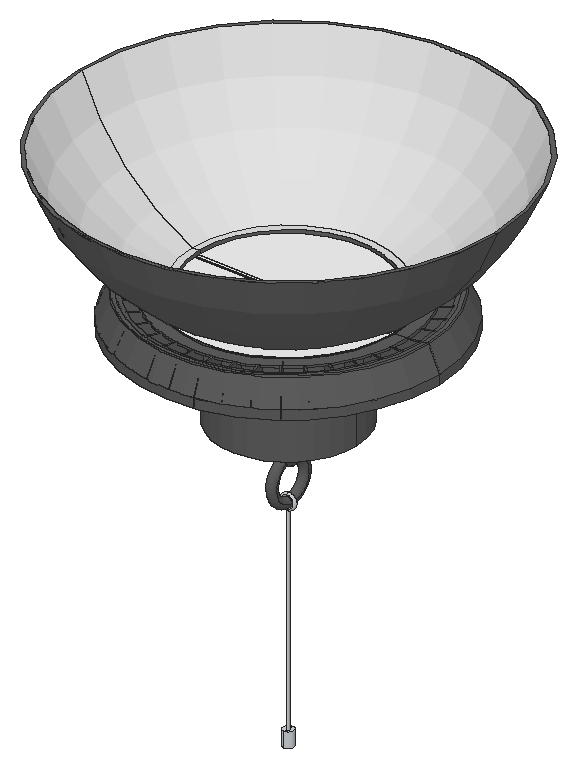
Revit family "0039348+0039357 Feilo Sylvania Lighting Fixture START HIGHBAY 4K 19KLM WIDE with ALU SHADE BLACK COLOR FOR 13_19KLM", category Lighting Fixtures, host Face, Revit 2017
Family settings
  Host = Face
  Round Connector Dimension = Use Diameter
  Part Type = Normal
  OmniClass Number = 23.80.70.00
  OmniClass Title = Lighting
  Cut with Voids When Loaded = No
  Light Source = Yes
  Shared = No
  Room Calculation Point = No
Parameters (values of type "0039348+0039357 START HIGHBAY 4K 19KLM WIDE ALU SHADE BLACK COLOR FOR 13/19KLM")
  WidthStraight_FEILO = if(SizeS_FEILO, 3 mm, if(SizeM_FEILO, 4 mm, 4.7 mm))  # 4 mm
  WidthRingChamfer_FEILO = if(SizeS_FEILO, 10.3 mm, if(SizeM_FEILO, 11.2 mm, 12.9 mm))  # 11.2 mm
  WidthCurved_FEILO = if(SizeS_FEILO, 17.4 mm, if(SizeM_FEILO, 16.4 mm, 26.2 mm))  # 16.4 mm
  WidthCurvedRing_FEILO = if(SizeS_FEILO, 3 mm, if(SizeM_FEILO, 4 mm, 4.7 mm))  # 4 mm
  WidthBracket_FEILO = 40 mm
  Weight = "3.4 kg"
  Wattage Comments = ""
  Wattage = 150 W
  WarrantyStartDate [instance] = "n/a"
  WarrantyGuarantorParts = "n/a"
  WarrantyDurationUnit = "n/a"
  WarrantyDurationParts = "n/a"
  WarrantyDescription = "n/a"
  built-in parameter 1150110 = 1 (stored number, unit not read)
  Voltage = 230 V
  VisibilityBracket_FEILO = no
  URL = "http://www.sylvania-lighting.com"
  TypeName = "START HIGHBAY 4K 19KLM WIDE ALU SHADE BLACK COLOR FOR 13/19KLM"
  Type Image = <None>
  Type Comments = "n/a"
  built-in parameter 1114217 = 1 (stored number, unit not read)
  Tilt Angle = -90.00°
  ThicknessWall_FEILO = 1.5 mm
  ThicknessBracket_FEILO = 1.5 mm
  ThicknessBracketHalf_FEILO = ThicknessBracket_FEILO / 2  # 0.75 mm
  built-in parameter 1150109 = 1 (stored number, unit not read)
  built-in parameter 1150134 = 12
  SuspensionHeight_FEILO [instance] = 400 mm
  built-in parameter 1150113 = 1 (stored number, unit not read)
  SizeS_FEILO = no
  SizeM_FEILO = yes
  ShadeThickness_FEILO = 3 mm
  ShadeSizeSM_FEILO = or(SizeS_FEILO, SizeM_FEILO)  # yes
  ShadeRadiusOut_FEILO = 205 mm
  ShadeRadiusIn_FEILO = if(ShadeSizeSM_FEILO, 95 mm, 121 mm)  # 95 mm
  ShadeRadiusBend_FEILO = if(ShadeSizeSM_FEILO, 210 mm, 210 mm)  # 210 mm
  ShadeHeight_FEILO = if(ShadeSizeSM_FEILO, 120 mm, 151 mm)  # 120 mm
  SerialNumber [instance] = "n/a"
  Rib4_FEILO = if(SizeS_FEILO, 18.1 mm, if(SizeM_FEILO, 13.6 mm, 14.6 mm))  # 13.6 mm
  Rib3_FEILO = if(SizeS_FEILO, 15.3 mm, if(SizeM_FEILO, 17.6 mm, 20.2 mm))  # 17.6 mm
  Rib2_FEILO = if(SizeS_FEILO, 3.6 mm, if(SizeM_FEILO, 3.9 mm, 4.5 mm))  # 3.9 mm
  Rib1_FEILO = if(SizeS_FEILO, 15.1 mm, if(SizeM_FEILO, 16.5 mm, 19 mm))  # 16.5 mm
  RadiusDiffuser_FEILO = if(SizeS_FEILO, 95.2 mm, if(SizeM_FEILO, 105.3 mm, 120 mm))  # 105.3 mm
  RadiusArrayPost_FEILO = DriverRadius_FEILO - 6 mm  # 61.2 mm
  RHRadius3_FEILO = if(SizeS_FEILO, 6.6 mm, if(SizeM_FEILO, 7.4 mm, 8.6 mm))  # 7.4 mm
  RHRadius2_FEILO = if(SizeS_FEILO, 11 mm, if(SizeM_FEILO, 12 mm, 14 mm))  # 12 mm
  RHRadius1_FEILO = if(SizeS_FEILO, 13.6 mm, if(SizeM_FEILO, 14.9 mm, 17.7 mm))  # 14.9 mm
  RHHeight4_FEILO = if(SizeS_FEILO, 7.3 mm, if(SizeM_FEILO, 8 mm, 9.2 mm))  # 8 mm
  RHHeight3_FEILO = if(SizeS_FEILO, 3.6 mm, if(SizeM_FEILO, 3.7 mm, 4.6 mm))  # 3.7 mm
  RHHeight2_FEILO = if(SizeS_FEILO, 2 mm, if(SizeM_FEILO, 2.2 mm, 2.6 mm))  # 2.2 mm
  RHHeight1_FEILO = if(SizeS_FEILO, 11.8 mm, if(SizeM_FEILO, 15.3 mm, 17.4 mm))  # 15.3 mm
  Photometric Web File = "0039348+0039357.ies"
  Material_5_FEILO = Shade-Sylvania-StartHighbay-Alu
  Material_3_FEILO = LED-Sylvania-StartHighbay-Glow
  PowerFactor = 0.95
  PowerConsumption = "150 W"
  NominalLength = 296 mm
  NominalHeight = 177 mm
  NominalDepth = 296 mm
  Name = "START HIGHBAY 4K 19KLM WIDE ALU SHADE BLACK COLOR FOR 13/19KLM"
  ModelReference = Name  # "START HIGHBAY 4K 19KLM WIDE ALU SHADE BLACK COLOR FOR 13/19KLM"
  ModelNumber = "0039348+0039357"
  Model = Name  # "START HIGHBAY 4K 19KLM WIDE ALU SHADE BLACK COLOR FOR 13/19KLM"
  Material = "aluminium alloy housing, polycarbonate diffuser"
  ManufacturerName = "Feilo Sylvania"
  Manufacturer = "Feilo Sylvania"
  LuminousEfficacy = "130 lm/W"
  built-in parameter 1150105 = 11152.5 (stored number, unit not read)
  Lumens = 19500 lm
  LuminaireType = ""
  built-in parameter 1150115 = 1 (stored number, unit not read)
  LightOutputRatio = "n/a"
  built-in parameter 1150137 = (empty or 0)
  built-in parameter 1150139 = (empty or 0)
  LampsType = Lamp  # "LED"
  LampNominalLuminous = "19500 lm"
  LampMacAdamStep = "n/a"
  LampColourTemperature = "4000 K"
  LampColourRenderingIndex = "80"
  built-in parameter 1150112 = 1 (stored number, unit not read)
  built-in parameter 1150114 = 1 (stored number, unit not read)
  Lamp = "LED"
  Keynote = "16500"
  InstallationDate [instance] = "n/a"
  InputVoltage = "220-240V~"
  InputNominalFrequency = "50/60 Hz"
  built-in parameter 1150132 = (empty or 0)
  built-in parameter 1150102 = (empty or 0)
  built-in parameter 1150107 = 4000 (stored number, unit not read)
  built-in parameter 1150138 = (empty or 0)
  IngressProtection = "IP65"
  ImpactProtectionIndex = "IK08"
  built-in parameter 1150106 = 111.52 (stored number, unit not read)
  IfcExportType = "IfcLightFixtureType"
  IfcExportAs = "IfcLightFixtureType"
  HeightRing_FEILO = if(SizeS_FEILO, 19.8 mm, if(SizeM_FEILO, 32 mm, 36.8 mm))  # 32 mm
  HeightRingChamfer_FEILO = if(SizeS_FEILO, 11.7 mm, if(SizeM_FEILO, 23.2 mm, 26.6 mm))  # 23.2 mm
  EyeThickness_FEILO = if(SizeS_FEILO, 8.4 mm, if(SizeM_FEILO, 9.2 mm, 10.5 mm))  # 9.2 mm
  EyeThicknessHalf_FEILO = EyeThickness_FEILO / 2  # 4.6 mm
  EyeInner_FEILO = if(SizeS_FEILO, 13.8 mm, if(SizeM_FEILO, 15.1 mm, 17.3 mm))  # 15.1 mm
  ExpectedLife = 50000
  Emit from Circle Diameter = RadiusDiffuser_FEILO * 2  # 210.6 mm
  Emit Shape Visible in Rendering = no
  ElectricShockClassification = "Class I"
  built-in parameter 1150104 = 12.077 (stored number, unit not read)
  DurationUnit = "hours"
  DriverVerticalStraight_FEILO = if(SizeS_FEILO, 46.5 mm, if(SizeM_FEILO, 49.7 mm, 57 mm))  # 49.7 mm
  DriverVerticalChamfer_FEILO = if(SizeS_FEILO, 7.5 mm, if(SizeM_FEILO, 8.2 mm, 9.5 mm))  # 8.2 mm
  DriverRadius_FEILO = if(SizeS_FEILO, 61.4 mm, if(SizeM_FEILO, 67.2 mm, 76.4 mm))  # 67.2 mm
  DriverRadiusTop_FEILO = if(SizeS_FEILO, 42 mm, if(SizeM_FEILO, 45.3 mm, 52.4 mm))  # 45.3 mm
  DriverBottom_FEILO = if(SizeS_FEILO, 56 mm, if(SizeM_FEILO, 64.5 mm, 74 mm))  # 64.5 mm
  DocumentationLiterature = "http://www.sylvania-lighting.com/product/en-int/products/0039348"
  DimmingControlOptions = "n/a"
  Material_2_FEILO = Diffuser-Sylvania-StartHighbay-Transparent
  Radius_FEILO = if(SizeS_FEILO, 135 mm, if(SizeM_FEILO, 148 mm, 169.5 mm))  # 148 mm
  Dimming Lamp Color Temperature Shift = <None>
  DiameterWire_FEILO = 3 mm
  DiameterWireSupport_FEILO = 10 mm
  Description = "START HIGHBAY, includes 1 m cables, black aluminium housing, 19500LM, 150W, 130lm/W, 4000K, Driver current: 3210mA, CR80, 90° beam angle, 1-10V dimmable,  IP65, IK08, 50,000 hrs (L70B50), (LxWxH) 296x296x177mm"
  Default Elevation = 1219.2 mm
  CreatedOn = "2/28/2018"
  CreatedBy = ""
  Cost = 0
  Color Filter = 16777215
  built-in parameter 1114216 [instance] = (empty or 0)
  ClassificationValue = "EF_70_80"
  ClassificationName = "Uniclass2015"
  Material_1_FEILO = Body-Sylvania-StartHighbay-Black
  BarCode [instance] = "n/a"
  built-in parameter 1114218 = 1 (stored number, unit not read)
  built-in parameter 1150133 = 10 (stored number, unit not read)
  AssetType = "Fixed"
  AssetIdentifier [instance] = "n/a"
  Assembly Code = "D5020200"
  Apparent Load = 150 VA
  Material_4_FEILO = Shade-Sylvania-StartHighbay-Black
Reference planes
  plane 1 "Center (Front/Back)": y = 0
  plane 2: z = 0
  plane 3 "Center (Left/Right)": x = 0
  plane 4: z = 400
  plane 5: x = -148
  plane 6: x = -136.8
  plane 7: z = 376.8
  plane 8: z = 368
  plane 9: x = -132.8
  plane 10: z = 397.375
  plane 11: x = -116.4
  plane 12: x = -105.3
  plane 13: x = -128.8
  plane 14: z = 398.375
  plane 15: z = 396.375
  plane 16: x = -102.3
  plane 17: z = 395.375
  plane 18: x = -146.5
  plane 19: x = -131.5
  plane 20: z = 364.1
  plane 21: x = -113.9
  plane 22: z = 350.5
  plane 23: x = -20
  plane 24: z = 335.5
  plane 25: x = -67.2
  plane 26: z = 285.8
  plane 27: x = -45.3
  plane 28: z = 277.6
  plane 29: x = -14.9
  plane 30: z = 262.3
  plane 31: z = 260.1
  plane 32: x = -12
  plane 33: z = 256.4
  plane 34: z = 248.4
  plane 35: x = -7.4
  plane 36: z = 233.3
  plane 37: z = 218.2
  plane 38: x = 4.6
  plane 39: x = -4.6
  plane 40: z = 209
  plane 41: z = 213.6
  plane 42: x = -141.65
  plane 43: x = -145.5
  plane 44: z = 366.5
  plane 45: x = -135.3
  plane 46: z = 310.65
  plane 47: y = -20
  plane 48: y = 20
  plane 49: x = 148
  plane 50: x = 136.8
  plane 51: x = 146.5
  plane 52: x = 141.65
  plane 53: x = 145.5
  plane 54: x = 135.3
  plane 55: z = 221.2
  plane 56: y = 1.5
  plane 57: y = -1.5
  plane 58: z = 219.7
  plane 59: z = 207.5
  plane 60: z = 206
  plane 61: y = -5
  plane 62: y = 5
  plane 63: z = 14
  plane 64: x = -205
  plane 65: z = 520
  plane 66: x = -95
  plane 67: x = -87
  plane 68: x = -202
  plane 69: z = 403
Forms (mm)
  Revolve 1, solid, material "Body-Sylvania-StartHighbay-Black" <- "Material_1_FEILO", detail levels medium+fine
    sketch origin (0, 0, 0) x (1, 0, 0) y (0, 0, 1)
      loop
        line (-148, 368) -> (-146.5, 368) -> (-146.5, 376.457) -> (-136.402, 397.375) -> (-128.8, 397.375) -> (-128.8, 398.859)
        arc (-128.8, 398.859) -> (-130.811, 399.39) -> (-132.8, 400) r 52.543
        line (-132.8, 400) -> (-136.341, 400)
        arc (-136.341, 400) -> (-136.831, 399.825) -> (-137.099, 399.38) r 0.774
        line (-137.099, 399.38) -> (-148, 376.8) -> (-148, 368)
      axis (0, 400) -> (0, 368)
    angle from 360 to 0
  Revolve 2, solid, material "Body-Sylvania-StartHighbay-Black" <- "Material_1_FEILO", detail levels medium+fine
    sketch origin (0, 0, 0) x (1, 0, 0) y (0, 0, 1)
      loop
        line (-116.4, 395.375) -> (-105.3, 395.375) -> (-105.3, 376.8) -> (0, 376.8) -> (0, 395.375) -> (-102.3, 395.375) -> (-102.3, 396.375) -> (-105.3, 396.375) -> (-105.3, 397.375) -> (-116.4, 397.375) -> (-116.4, 395.375)
      axis (0, 397.375) -> (0, 376.8)
    angle from 360 to 0
  Revolve 3, solid, material "Diffuser-Sylvania-StartHighbay-Transparent" <- "Material_2_FEILO", detail levels medium+fine
    sketch origin (0, 0, 0) x (1, 0, 0) y (0, 0, 1)
      loop
        line (-105.3, 396.375) -> (0, 396.375) -> (0, 398.375) -> (-105.3, 398.375) -> (-105.3, 396.375)
      axis (0, 398.375) -> (0, 396.375)
    angle from 360 to 0
  Revolve 4, solid, material "Body-Sylvania-StartHighbay-Black" <- "Material_1_FEILO"
    sketch origin (0, 0, 0) x (1, 0, 0) y (0, 0, 1)
      loop
        line (-67.2, 350.5) -> (-67.2, 285.8) -> (-45.3, 277.6) -> (-14.9, 277.6) -> (-14.9, 262.3) -> (-12, 260.1) -> (-12, 256.4) -> (-7.837, 249.126)
        arc (-7.837, 249.126) -> (-7.29, 248.594) -> (-6.553, 248.4) r 1.5
        line (-6.553, 248.4) -> (0, 248.4) -> (0, 350.5) -> (-67.2, 350.5)
      axis (0, 350.5) -> (0, 248.4)
    angle from 360 to 0
  Revolve 5, solid, material "Body-Sylvania-StartHighbay-Black" <- "Material_1_FEILO"
    sketch origin (0, 0, 0) x (1, 0, 0) y (0, 0, 1)
      loop
        circle (0, 213.6) r 4.6
      axis (4.6, 233.3) -> (-4.6, 233.3)
    angle from 360 to 0
  Extrusion 6, solid, material "Body-Sylvania-StartHighbay-Black" <- "Material_1_FEILO", visible <- "VisibilityBracket_FEILO"
    sketch origin (0, 0, 0) x (1, 0, 0) y (0, 0, 1)
      loop
        line (-145.5, 368) -> (-145.5, 366.5) -> (-137.55, 366.5)
        arc (-137.55, 366.5) -> (-137.02, 366.28) -> (-136.8, 365.75) r 0.75
        line (-136.8, 365.75) -> (-136.8, 310.65) -> (-135.3, 310.65) -> (-135.3, 366.5)
        arc (-135.3, 366.5) -> (-135.739, 367.561) -> (-136.8, 368) r 1.5
        line (-136.8, 368) -> (-145.5, 368)
      loop
        line (145.5, 368) -> (136.8, 368)
        arc (136.8, 368) -> (135.739, 367.561) -> (135.3, 366.5) r 1.5
        line (135.3, 366.5) -> (135.3, 310.65) -> (136.8, 310.65) -> (136.8, 365.75)
        arc (136.8, 365.75) -> (137.02, 366.28) -> (137.55, 366.5) r 0.75
        line (137.55, 366.5) -> (145.5, 366.5) -> (145.5, 368)
    from -20 to 20
  Extrusion 7, void
    sketch origin (0, 0, 0) x (0, 1, 0) y (0, 0, 1)
      loop
        arc (-10, 310.65) -> (-17.071, 313.579) -> (-20, 320.65) r 10
        line (-20, 320.65) -> (-25, 320.65) -> (-25, 305.65) -> (-10, 305.65) -> (-10, 310.65)
      loop
        line (10, 310.65) -> (10, 305.65) -> (25, 305.65) -> (25, 320.65) -> (20, 320.65)
        arc (20, 320.65) -> (17.071, 313.579) -> (10, 310.65) r 10
    from -136.8 to 136.8
  Revolve 8, solid, material "Body-Sylvania-StartHighbay-Black" <- "Material_1_FEILO", detail levels coarse
    sketch origin (0, 0, 0) x (1, 0, 0) y (0, 0, 1)
      loop
        line (0, 400) -> (-136.8, 400) -> (-148, 376.8) -> (-148, 368) -> (-131.5, 368) -> (-131.5, 364.1) -> (-113.9, 350.5) -> (0, 350.5) -> (0, 400)
      axis (0, 400) -> (0, 350.5)
    angle from 360 to 0
  Revolve 9, solid
    sketch origin (0, 0, 0) x (0, 1, 0) y (0, 0, 1)
      loop
        circle (0, 219.7) r 1.5
      axis (1.5, 213.6) -> (-1.5, 213.6)
    angle from 360 to 0
  Revolve 10, solid
    sketch origin (0, 0, 0) x (0, 1, 0) y (0, 0, 1)
      loop
        line (0, 0) -> (0, 207.5) -> (-1.5, 207.5) -> (-1.5, 14) -> (-5, 14) -> (-5, 0) -> (0, 0)
      axis (0, 0) -> (0, 207.5)
    angle from 360 to 0
  Revolve 11, solid, material "Shade-Sylvania-StartHighbay-Black" <- "Material_4_FEILO"
    sketch origin (0, 0, 0) x (1, 0, 0) y (0, 0, 1)
      loop
        line (-95, 400) -> (-87, 400) -> (-87, 403) -> (-94.341, 403)
        arc (-94.341, 403) -> (-159.747, 450.78) -> (-201.81, 520) r 207
        line (-201.81, 520) -> (-205, 520)
        arc (-205, 520) -> (-162.101, 448.908) -> (-95, 400) r 210
      axis (0, 520) -> (0, 400)
    angle from 360 to 0
Cuts and joins
  Extrusion 7 cuts Extrusion 6
Lines and regions (mm)
  reference lines
    curve 1: line (-148, 0, 376.8) -> (-136.8, 0, 400)
    curve 2: line (-116.4, 0, 397.375) -> (0, 0, 397.375)
    curve 3: arc (-116.4, 0, 397.375) -> (-124.704, 0, 398.035) -> (-132.8, 0, 400) r 52.543
    curve 4: line (-136.8, 0, 400) -> (-132.8, 0, 400)
    curve 5: line (-136.402, 0, 397.375) -> (-146.5, 0, 376.457)
    curve 6: line (-131.5, 0, 364.1) -> (-113.9, 0, 350.5)
    curve 7: line (-12, 0, 256.4) -> (-7.4, 0, 248.4)
    curve 8: circle (0, 0, 213.6) r 4.6 normal (0, -1, 0)
    curve 9: arc (-95, 0, 400) -> (-162.101, 0, 448.908) -> (-205, 0, 520) r 210
Dimensions and locks
  "Radius_FEILO": plane 3 "Center (Left/Right)" to plane 5
  "WidthRingChamfer_FEILO": plane 6 to plane 5
  "WidthStraight_FEILO": plane 9 to plane 6
  "WidthCurvedRing_FEILO": plane 13 to plane 9
  locked: plane 10 to plane 15 at 1
  locked: plane 14 to plane 10 at 1
  locked: plane 4 to plane 10 at 2.625
  locked: plane 15 to plane 17 at 1
  "ThicknessWall_FEILO": plane 18 to plane 5
  "ThicknessWall_FEILO": curve 5 to curve 1
  "HeightRingChamfer_FEILO": plane 4 to plane 7
  "HeightRing_FEILO": plane 4 to plane 8
  "RadiusDiffuser_FEILO": plane 3 "Center (Left/Right)" to plane 12
  locked: plane 16 to plane 12 at 3
  "WidthCurved_FEILO": plane 11 to plane 9
  "SuspensionHeight_FEILO": plane 4 to plane 2
  "Rib1_FEILO": plane 19 to plane 5
  "Rib2_FEILO": plane 8 to plane 20
  "Rib3_FEILO": plane 21 to plane 19
  "Rib4_FEILO": plane 20 to plane 22
  locked: plane 3 "Center (Left/Right)" to plane 23 at 20
  "DriverBottom_FEILO": plane 4 to plane 24
  "DriverRadius_FEILO": plane 3 "Center (Left/Right)" to plane 25
  "DriverVerticalStraight_FEILO": plane 24 to plane 26
  "DriverRadiusTop_FEILO": plane 3 "Center (Left/Right)" to plane 27
  "DriverVerticalChamfer_FEILO": plane 26 to plane 28
  "RHRadius1_FEILO": plane 3 "Center (Left/Right)" to plane 29
  "RHHeight2_FEILO": plane 30 to plane 31
  "RHRadius2_FEILO": plane 3 "Center (Left/Right)" to plane 32
  "RHHeight3_FEILO": plane 31 to plane 33
  "RHHeight4_FEILO": plane 33 to plane 34
  "RHRadius3_FEILO": plane 3 "Center (Left/Right)" to plane 35
  "RHHeight1_FEILO": plane 28 to plane 30
  "EyeInner_FEILO": plane 34 to plane 36
  "EyeInner_FEILO": plane 36 to plane 37
  equal spacing: plane 38, plane 3 "Center (Left/Right)", plane 39
  "EyeThickness_FEILO": plane 38 to plane 39
  "EyeThickness_FEILO": plane 37 to plane 40
  equal spacing: plane 37, plane 41, plane 40
  equal spacing: plane 6, plane 42, plane 18
  "ThicknessBracket_FEILO": plane 45 to plane 6
  "ThicknessBracket_FEILO": plane 8 to plane 44
  locked: plane 43 to plane 18 at 1
  equal spacing: plane 24, plane 46, plane 26
  equal spacing: plane 47, plane 1 "Center (Front/Back)", plane 48
  "WidthBracket_FEILO": plane 47 to plane 48
  "WidthRingChamfer_FEILO": plane 50 to plane 49
  "ThicknessWall_FEILO": plane 51 to plane 49
  equal spacing: plane 50, plane 52, plane 51
  "ThicknessBracket_FEILO": plane 54 to plane 50
  locked: plane 53 to plane 51 at 1
  "Radius_FEILO": plane 49 to plane 3 "Center (Left/Right)"
  equal spacing: plane 57, imposter light, plane 56
  "DiameterWire_FEILO": plane 57 to plane 56
  "DiameterWire_FEILO": plane 37 to plane 55
  equal spacing: plane 37, plane 58, plane 55
  "DiameterWire_FEILO": plane 60 to plane 40
  equal spacing: plane 60, plane 59, plane 40
  equal spacing: plane 61, plane 1 "Center (Front/Back)", plane 62
  "DiameterWireSupport_FEILO": plane 61 to plane 62
  locked: plane 63 to plane 2 at 14
  "ShadeRadiusOut_FEILO": plane 3 "Center (Left/Right)" to plane 64
  "ShadeHeight_FEILO": plane 65 to plane 4
  "ShadeRadiusIn_FEILO": plane 3 "Center (Left/Right)" to plane 66
  locked: plane 67 to plane 66 at 8
  "ShadeThickness_FEILO": plane 69 to plane 4
  "ShadeThickness_FEILO": plane 68 to plane 64
  "EyeThicknessHalf_FEILO": radius of curve 8
  "ThicknessBracket_FEILO": radius of Extrusion 6 sketch curve  (x2)
  "ThicknessBracketHalf_FEILO": radius of Extrusion 6 sketch curve  (x2)
  "DiameterWire_FEILO": diameter of Revolve 9 sketch curve
  "ShadeRadiusBend_FEILO": radius of curve 9
  aligned and locked: plane 2 to host face
  aligned and locked: level to host face
  aligned and locked: plane 5 to curve 1
  aligned and locked: plane 6 to curve 1
  aligned and locked: plane 7 to curve 1
  aligned and locked: plane 10 to curve 2
  aligned and locked: plane 9 to curve 3
  aligned and locked: plane 4 to curve 3
  aligned and locked: plane 11 to curve 3
  aligned and locked: plane 4 to curve 4
  aligned and locked: plane 18 to curve 5
  aligned and locked: plane 10 to curve 5
  aligned and locked: Revolve 1 sketch curve to plane 3 "Center (Left/Right)"
  aligned and locked: Revolve 1 sketch curve to curve 3
  aligned and locked: Revolve 1 sketch curve to curve 1
  aligned and locked: plane 4 to Revolve 1 sketch curve
  aligned and locked: plane 9 to Revolve 1 sketch curve
  aligned and locked: Revolve 1 sketch curve to plane 13
  aligned and locked: Revolve 1 sketch curve to plane 10
  aligned and locked: plane 13 to Revolve 1 sketch curve
  aligned and locked: plane 10 to Revolve 1 sketch curve
  aligned and locked: Revolve 1 sketch curve to plane 18
  aligned and locked: Revolve 1 sketch curve to plane 8
  aligned and locked: plane 5 to Revolve 1 sketch curve  (x2)
  aligned and locked: Revolve 2 sketch curve to plane 3 "Center (Left/Right)"
  aligned and locked: plane 11 to Revolve 2 sketch curve
  aligned and locked: Revolve 2 sketch curve to curve 2
  aligned and locked: plane 15 to Revolve 2 sketch curve
  aligned and locked: Revolve 2 sketch curve to plane 16
  aligned and locked: plane 17 to Revolve 2 sketch curve  (x2)
  aligned and locked: Revolve 2 sketch curve to plane 12
  aligned and locked: plane 7 to Revolve 2 sketch curve
  aligned and locked: Revolve 3 sketch curve to plane 3 "Center (Left/Right)"
  aligned and locked: Revolve 3 sketch curve to plane 14
  aligned and locked: plane 3 "Center (Left/Right)" to Revolve 3 sketch curve
  aligned and locked: Revolve 3 sketch curve to plane 12
  aligned and locked: plane 15 to Revolve 3 sketch curve
  aligned and locked: Revolve 1 sketch curve to curve 5
  aligned and locked: plane 22 to curve 6
  aligned and locked: plane 21 to curve 6
  aligned and locked: plane 20 to curve 6
  aligned and locked: plane 19 to curve 6
  aligned and locked: plane 33 to curve 7
  aligned and locked: plane 32 to curve 7
  aligned and locked: plane 35 to curve 7
  aligned and locked: plane 34 to curve 7
  aligned and locked: Revolve 4 sketch curve to plane 3 "Center (Left/Right)"
  aligned and locked: Revolve 4 sketch curve to plane 25
  aligned and locked: plane 27 to Revolve 4 sketch curve
  aligned and locked: plane 28 to Revolve 4 sketch curve
  aligned and locked: plane 30 to Revolve 4 sketch curve
  aligned and locked: Revolve 4 sketch curve to plane 29
  aligned and locked: plane 31 to Revolve 4 sketch curve
  aligned and locked: Revolve 4 sketch curve to curve 7
  aligned and locked: Revolve 4 sketch curve to plane 32
  aligned and locked: plane 34 to Revolve 4 sketch curve
  aligned and locked: plane 3 "Center (Left/Right)" to Revolve 4 sketch curve
  aligned and locked: plane 3 "Center (Left/Right)" to curve 8
  aligned and locked: plane 41 to curve 8
  aligned and locked: Revolve 5 sketch curve to plane 36
  aligned and locked: Revolve 5 sketch curve to curve 8
  aligned and locked: plane 43 to Extrusion 6 sketch curve  (x2)
  aligned and locked: plane 8 to Extrusion 6 sketch curve  (x3)
  aligned and locked: Extrusion 6 sketch curve to plane 45
  aligned and locked: Extrusion 6 sketch curve to plane 46  (x2)
  aligned and locked: plane 6 to Extrusion 6 sketch curve
  aligned and locked: Extrusion 6 sketch curve to plane 44  (x2)
  aligned and locked: Extrusion 6 to plane 48
  aligned and locked: plane 47 to Extrusion 6
  aligned and locked: plane 53 to Extrusion 6 sketch curve
  aligned and locked: plane 50 to Extrusion 6 sketch curve
  aligned and locked: Extrusion 6 sketch curve to plane 54
  aligned and locked: Extrusion 7 sketch curve to Extrusion 7 sketch curve
  aligned and locked: Extrusion 7 to plane 6
  aligned and locked: Extrusion 7 to Extrusion 6
  aligned and locked: Revolve 4 sketch curve to plane 22
  aligned and locked: plane 23 to nested 1
  aligned and locked: plane 1 "Center (Front/Back)" to nested 1
  aligned and locked: Revolve 8 sketch curve to plane 3 "Center (Left/Right)"
  aligned and locked: Revolve 8 sketch curve to plane 4
  aligned and locked: plane 6 to Revolve 8 sketch curve
  aligned and locked: plane 4 to Revolve 8 sketch curve
  aligned and locked: plane 7 to Revolve 8 sketch curve
  aligned and locked: Revolve 8 sketch curve to plane 5
  aligned and locked: plane 8 to Revolve 8 sketch curve  (x2)
  aligned and locked: Revolve 8 sketch curve to plane 19
  aligned and locked: plane 20 to Revolve 8 sketch curve
  aligned and locked: plane 19 to Revolve 8 sketch curve
  aligned and locked: plane 21 to Revolve 8 sketch curve
  aligned and locked: plane 22 to Revolve 8 sketch curve  (x2)
  aligned and locked: Revolve 8 sketch curve to Revolve 8 sketch curve
  aligned and locked: imposter light to plane 4
  aligned and locked: plane 3 "Center (Left/Right)" to imposter light
  aligned and locked: imposter light to plane 1 "Center (Front/Back)"
  aligned and locked: Revolve 9 sketch curve to plane 41
  aligned and locked: Revolve 10 sketch curve to plane 1 "Center (Front/Back)"
  aligned and locked: plane 1 "Center (Front/Back)" to Revolve 10 sketch curve  (x2)
  aligned and locked: host face to Revolve 10 sketch curve
  aligned and locked: plane 63 to Revolve 10 sketch curve
  aligned and locked: Revolve 10 sketch curve to plane 61
  aligned and locked: Revolve 10 sketch curve to plane 57
  aligned and locked: plane 59 to Revolve 10 sketch curve
  aligned and locked: plane 64 to curve 9
  aligned and locked: plane 65 to curve 9
  aligned and locked: plane 66 to curve 9
  aligned and locked: plane 4 to curve 9
  aligned and locked: Revolve 11 sketch curve to curve 9
  aligned and locked: plane 67 to Revolve 11 sketch curve
  aligned and locked: plane 66 to Revolve 11 sketch curve
  aligned and locked: plane 65 to Revolve 11 sketch curve  (x2)
  aligned and locked: Revolve 11 sketch curve to plane 67
  aligned and locked: plane 69 to Revolve 11 sketch curve
Automatic sketch dimensions
  host sketch curve to host sketch curve = 2438.4 mm  (x2)
  Revolve 1 sketch curve to plane 6 = 0.299 mm
  plane 6 to Revolve 1 sketch curve = 0.459 mm
  Revolve 1 sketch curve to level = 609.6 mm
  Revolve 1 sketch curve to Revolve 1 sketch curve = 2312.223 mm
  Revolve 2 sketch curve to plane 12 = 0 mm
  Revolve 2 sketch curve to plane 3 "Center (Left/Right)" = 0 mm
  Revolve 2 sketch curve to level = 609.6 mm
  Revolve 2 sketch curve to plane 4 = 2339.058 mm
  Revolve 3 sketch curve to level = 609.6 mm
  Revolve 3 sketch curve to plane 4 = 2339.058 mm
  Revolve 5 sketch curve to plane 5 = 1080 mm
  plane 38 to Revolve 5 sketch curve = 1219.2 mm
  Extrusion 7 sketch curve to plane 47 = 0 mm
  plane 46 to Extrusion 7 sketch curve = 0 mm  (x2)
  Extrusion 7 sketch curve to plane 48 = 0 mm
  plane 47 to Extrusion 7 sketch curve = 5 mm
  plane 1 "Center (Front/Back)" to Extrusion 7 sketch curve = 10 mm
  Extrusion 7 sketch curve to Extrusion 7 sketch curve = 10 mm
  plane 46 to Extrusion 7 sketch curve = 5 mm
  Extrusion 7 sketch curve to Extrusion 7 sketch curve = 5 mm
  Extrusion 7 sketch curve to plane 48 = 5 mm
  Revolve 4 sketch curve to plane 26 = 0 mm
  Revolve 4 sketch curve to plane 35 = 0.437 mm
  plane 35 to Revolve 4 sketch curve = 0.847 mm
  Revolve 4 sketch curve to plane 34 = 0.726 mm
  plane 40 to Revolve 4 sketch curve = 590.2 mm
  Revolve 4 sketch curve to plane 4 = 2339.058 mm
  Revolve 8 sketch curve to level = 609.6 mm
  Revolve 8 sketch curve to Revolve 8 sketch curve = 2386.058 mm
  Revolve 9 sketch curve to plane 1 "Center (Front/Back)" = 0 mm
  plane 58 to Revolve 9 sketch curve = 0 mm
  plane 47 to Revolve 9 sketch curve = 2534.941 mm
  Revolve 9 sketch curve to plane 48 = 2077.409 mm
  Revolve 10 sketch curve to Revolve 10 sketch curve = 609.6 mm
  Revolve 10 sketch curve to plane 4 = 2123.807 mm
  curve 2 to plane 3 "Center (Left/Right)" = 0 mm
  Revolve 11 sketch curve to Revolve 11 sketch curve = 0 mm  (x2)
  Revolve 11 sketch curve to plane 3 "Center (Left/Right)" = 0 mm
  plane 66 to Revolve 11 sketch curve = 0.659 mm
  Revolve 11 sketch curve to level = 609.6 mm
  Revolve 11 sketch curve to Revolve 11 sketch curve = 2068.248 mm
Nested families
  nested 1: "Start Highbay Rib" at (0, 0, 397.375), type "Type Name", detail levels medium+fine
    with SuspensionHeight_FEILO 2.6 mm
  nested 2: "Start Highbay Rib" at (0, 0, 397.375) x (0.9877, 0.1564, 0) z (0, 0, 1), type "Type Name", detail levels medium+fine
    with SuspensionHeight_FEILO 2.6 mm
  nested 3: "Start Highbay Rib" at (0, 0, 397.375) x (0.9511, 0.309, 0) z (0, 0, 1), type "Type Name", detail levels medium+fine
    with SuspensionHeight_FEILO 2.6 mm
  nested 4: "Start Highbay Rib" at (0, 0, 397.375) x (0.891, 0.454, 0) z (0, 0, 1), type "Type Name", detail levels medium+fine
    with SuspensionHeight_FEILO 2.6 mm
  nested 5: "Start Highbay Rib" at (0, 0, 397.375) x (0.809, 0.5878, 0) z (0, 0, 1), type "Type Name", detail levels medium+fine
    with SuspensionHeight_FEILO 2.6 mm
  nested 6: "Start Highbay Rib" at (0, 0, 397.375) x (0.7071, 0.7071, 0) z (0, 0, 1), type "Type Name", detail levels medium+fine
    with SuspensionHeight_FEILO 2.6 mm
  nested 7: "Start Highbay Rib" at (0, 0, 397.375) x (0.5878, 0.809, 0) z (0, 0, 1), type "Type Name", detail levels medium+fine
    with SuspensionHeight_FEILO 2.6 mm
  nested 8: "Start Highbay Rib" at (0, 0, 397.375) x (0.454, 0.891, 0) z (0, 0, 1), type "Type Name", detail levels medium+fine
    with SuspensionHeight_FEILO 2.6 mm
  nested 9: "Start Highbay Rib" at (0, 0, 397.375) x (0.309, 0.9511, 0) z (0, 0, 1), type "Type Name", detail levels medium+fine
    with SuspensionHeight_FEILO 2.6 mm
  nested 10: "Start Highbay Rib" at (0, 0, 397.375) x (0.1564, 0.9877, 0) z (0, 0, 1), type "Type Name", detail levels medium+fine
    with SuspensionHeight_FEILO 2.6 mm
  nested 11: "Start Highbay Rib" at (0, 0, 397.375) x (0, 1, 0) z (0, 0, 1), type "Type Name", detail levels medium+fine
    with SuspensionHeight_FEILO 2.6 mm
  nested 12: "Start Highbay Rib" at (0, 0, 397.375) x (-0.1564, 0.9877, 0) z (0, 0, 1), type "Type Name", detail levels medium+fine
    with SuspensionHeight_FEILO 2.6 mm
  nested 13: "Start Highbay Rib" at (0, 0, 397.375) x (-0.309, 0.9511, 0) z (0, 0, 1), type "Type Name", detail levels medium+fine
    with SuspensionHeight_FEILO 2.6 mm
  nested 14: "Start Highbay Rib" at (0, 0, 397.375) x (-0.454, 0.891, 0) z (0, 0, 1), type "Type Name", detail levels medium+fine
    with SuspensionHeight_FEILO 2.6 mm
  nested 15: "Start Highbay Rib" at (0, 0, 397.375) x (-0.5878, 0.809, 0) z (0, 0, 1), type "Type Name", detail levels medium+fine
    with SuspensionHeight_FEILO 2.6 mm
  nested 16: "Start Highbay Rib" at (0, 0, 397.375) x (-0.7071, 0.7071, 0) z (0, 0, 1), type "Type Name", detail levels medium+fine
    with SuspensionHeight_FEILO 2.6 mm
  nested 17: "Start Highbay Rib" at (0, 0, 397.375) x (-0.809, 0.5878, 0) z (0, 0, 1), type "Type Name", detail levels medium+fine
    with SuspensionHeight_FEILO 2.6 mm
  nested 18: "Start Highbay Rib" at (0, 0, 397.375) x (-0.891, 0.454, 0) z (0, 0, 1), type "Type Name", detail levels medium+fine
    with SuspensionHeight_FEILO 2.6 mm
  nested 19: "Start Highbay Rib" at (0, 0, 397.375) x (-0.9511, 0.309, 0) z (0, 0, 1), type "Type Name", detail levels medium+fine
    with SuspensionHeight_FEILO 2.6 mm
  nested 20: "Start Highbay Rib" at (0, 0, 397.375) x (-0.9877, 0.1564, 0) z (0, 0, 1), type "Type Name", detail levels medium+fine
    with SuspensionHeight_FEILO 2.6 mm
  nested 21: "Start Highbay Rib" at (0, 0, 397.375) x (-1, 0, 0) z (0, 0, 1), type "Type Name", detail levels medium+fine
    with SuspensionHeight_FEILO 2.6 mm
  nested 22: "Start Highbay Rib" at (0, 0, 397.375) x (-0.9877, -0.1564, 0) z (0, 0, 1), type "Type Name", detail levels medium+fine
    with SuspensionHeight_FEILO 2.6 mm
  nested 23: "Start Highbay Rib" at (0, 0, 397.375) x (-0.9511, -0.309, 0) z (0, 0, 1), type "Type Name", detail levels medium+fine
    with SuspensionHeight_FEILO 2.6 mm
  nested 24: "Start Highbay Rib" at (0, 0, 397.375) x (-0.891, -0.454, 0) z (0, 0, 1), type "Type Name", detail levels medium+fine
    with SuspensionHeight_FEILO 2.6 mm
  nested 25: "Start Highbay Rib" at (0, 0, 397.375) x (-0.809, -0.5878, 0) z (0, 0, 1), type "Type Name", detail levels medium+fine
    with SuspensionHeight_FEILO 2.6 mm
  nested 26: "Start Highbay Rib" at (0, 0, 397.375) x (-0.7071, -0.7071, 0) z (0, 0, 1), type "Type Name", detail levels medium+fine
    with SuspensionHeight_FEILO 2.6 mm
  nested 27: "Start Highbay Rib" at (0, 0, 397.375) x (-0.5878, -0.809, 0) z (0, 0, 1), type "Type Name", detail levels medium+fine
    with SuspensionHeight_FEILO 2.6 mm
  nested 28: "Start Highbay Rib" at (0, 0, 397.375) x (-0.454, -0.891, 0) z (0, 0, 1), type "Type Name", detail levels medium+fine
    with SuspensionHeight_FEILO 2.6 mm
  nested 29: "Start Highbay Rib" at (0, 0, 397.375) x (-0.309, -0.9511, 0) z (0, 0, 1), type "Type Name", detail levels medium+fine
    with SuspensionHeight_FEILO 2.6 mm
  nested 30: "Start Highbay Rib" at (0, 0, 397.375) x (-0.1564, -0.9877, 0) z (0, 0, 1), type "Type Name", detail levels medium+fine
    with SuspensionHeight_FEILO 2.6 mm
  nested 31: "Start Highbay Rib" at (0, 0, 397.375) x (0, -1, 0) z (0, 0, 1), type "Type Name", detail levels medium+fine
    with SuspensionHeight_FEILO 2.6 mm
  nested 32: "Start Highbay Rib" at (0, 0, 397.375) x (0.1564, -0.9877, 0) z (0, 0, 1), type "Type Name", detail levels medium+fine
    with SuspensionHeight_FEILO 2.6 mm
  nested 33: "Start Highbay Rib" at (0, 0, 397.375) x (0.309, -0.9511, 0) z (0, 0, 1), type "Type Name", detail levels medium+fine
    with SuspensionHeight_FEILO 2.6 mm
  nested 34: "Start Highbay Rib" at (0, 0, 397.375) x (0.454, -0.891, 0) z (0, 0, 1), type "Type Name", detail levels medium+fine
    with SuspensionHeight_FEILO 2.6 mm
  nested 35: "Start Highbay Rib" at (0, 0, 397.375) x (0.5878, -0.809, 0) z (0, 0, 1), type "Type Name", detail levels medium+fine
    with SuspensionHeight_FEILO 2.6 mm
  nested 36: "Start Highbay Rib" at (0, 0, 397.375) x (0.7071, -0.7071, 0) z (0, 0, 1), type "Type Name", detail levels medium+fine
    with SuspensionHeight_FEILO 2.6 mm
  nested 37: "Start Highbay Rib" at (0, 0, 397.375) x (0.809, -0.5878, 0) z (0, 0, 1), type "Type Name", detail levels medium+fine
    with SuspensionHeight_FEILO 2.6 mm
  nested 38: "Start Highbay Rib" at (0, 0, 397.375) x (0.891, -0.454, 0) z (0, 0, 1), type "Type Name", detail levels medium+fine
    with SuspensionHeight_FEILO 2.6 mm
  nested 39: "Start Highbay Rib" at (0, 0, 397.375) x (0.9511, -0.309, 0) z (0, 0, 1), type "Type Name", detail levels medium+fine
    with SuspensionHeight_FEILO 2.6 mm
  nested 40: "Start Highbay Rib" at (0, 0, 397.375) x (0.9877, -0.1564, 0) z (0, 0, 1), type "Type Name", detail levels medium+fine
    with SuspensionHeight_FEILO 2.6 mm
Connectors
  electrical at (0, 0, 0), driven by "Apparent Load", driven by "PowerFactor", driven by "Voltage"
    settings: index 1, voltage 230 V, apparent load 150 VA, apparent load phase1 0 VA, apparent load phase2 0 VA, apparent load phase3 0 VA, power factor 0.95, load classification "Lighting", number of poles 1, system type 30, power factor state 1, is connector primary yes, connector utility no, sub classification motor no, connector description ""
Definition of nested family "Start Highbay Rib"
  Parameters (values of type "Type Name")
    WidthStraight_FEILO = if(SizeS_FEILO, 3 mm, if(SizeM_FEILO, 4 mm, 4.7 mm))  # 3 mm
    WidthRingChamfer_FEILO = if(SizeS_FEILO, 10.3 mm, if(SizeM_FEILO, 11.2 mm, 12.9 mm))  # 10.3 mm
    WidthCurved_FEILO = if(SizeS_FEILO, 17.4 mm, if(SizeM_FEILO, 16.4 mm, 26.2 mm))  # 17.4 mm
    WidthCurvedRing_FEILO = if(SizeS_FEILO, 3 mm, if(SizeM_FEILO, 4 mm, 4.7 mm))  # 3 mm
    WidthBracket_FEILO = 40 mm
    URL = "http://www.feilosylvania.com"
    Type Image = (empty or 0)
    Type Comments = "n/a"
    ThicknessWall_FEILO = 1.5 mm
    ThicknessBracket_FEILO = 1.5 mm
    ThicknessBracketHalf_FEILO = ThicknessBracket_FEILO / 2  # 0.75 mm
    SuspensionHeight_FEILO [instance] = 2.6 mm
    SizeS_FEILO = yes
    SizeM_FEILO = no
    Rib4_FEILO = if(SizeS_FEILO, 18.1 mm, if(SizeM_FEILO, 13.6 mm, 14.6 mm))  # 18.1 mm
    Rib3_FEILO = if(SizeS_FEILO, 15.3 mm, if(SizeM_FEILO, 17.6 mm, 20.2 mm))  # 15.3 mm
    Rib2_FEILO = if(SizeS_FEILO, 3.6 mm, if(SizeM_FEILO, 3.9 mm, 4.5 mm))  # 3.6 mm
    Rib1_FEILO = if(SizeS_FEILO, 15.1 mm, if(SizeM_FEILO, 16.5 mm, 19 mm))  # 15.1 mm
    RadiusRib_FEILO = 2 mm
    RadiusDiffuser_FEILO = if(SizeS_FEILO, 95.2 mm, if(SizeM_FEILO, 105.3 mm, 120 mm))  # 95.2 mm
    RHRadius3_FEILO = if(SizeS_FEILO, 6.6 mm, if(SizeM_FEILO, 7.4 mm, 8.6 mm))  # 6.6 mm
    RHRadius2_FEILO = if(SizeS_FEILO, 11 mm, if(SizeM_FEILO, 12 mm, 14 mm))  # 11 mm
    RHRadius1_FEILO = if(SizeS_FEILO, 13.6 mm, if(SizeM_FEILO, 14.9 mm, 17.7 mm))  # 13.6 mm
    RHHeight4_FEILO = if(SizeS_FEILO, 7.3 mm, if(SizeM_FEILO, 8 mm, 9.2 mm))  # 7.3 mm
    RHHeight3_FEILO = if(SizeS_FEILO, 3.6 mm, if(SizeM_FEILO, 3.7 mm, 4.6 mm))  # 3.6 mm
    RHHeight2_FEILO = if(SizeS_FEILO, 2 mm, if(SizeM_FEILO, 2.2 mm, 2.6 mm))  # 2 mm
    RHHeight1_FEILO = if(SizeS_FEILO, 11.8 mm, if(SizeM_FEILO, 15.3 mm, 17.4 mm))  # 11.8 mm
    Material_3_FEILO = none
    Model = ""
    Manufacturer = "Feilo Sylvania"
    Keynote = "16500"
    HeightRing_FEILO = if(SizeS_FEILO, 19.8 mm, if(SizeM_FEILO, 32 mm, 36.8 mm))  # 19.8 mm
    HeightRingChamfer_FEILO = if(SizeS_FEILO, 11.7 mm, if(SizeM_FEILO, 23.2 mm, 26.6 mm))  # 11.7 mm
    EyeThickness_FEILO = if(SizeS_FEILO, 8.4 mm, if(SizeM_FEILO, 9.2 mm, 10.5 mm))  # 8.4 mm
    EyeThicknessHalf_FEILO = EyeThickness_FEILO / 2  # 4.2 mm
    EyeInner_FEILO = if(SizeS_FEILO, 13.8 mm, if(SizeM_FEILO, 15.1 mm, 17.3 mm))  # 13.8 mm
    DriverVerticalStraight_FEILO = if(SizeS_FEILO, 46.5 mm, if(SizeM_FEILO, 49.7 mm, 57 mm))  # 46.5 mm
    DriverVerticalChamfer_FEILO = if(SizeS_FEILO, 7.5 mm, if(SizeM_FEILO, 8.2 mm, 9.5 mm))  # 7.5 mm
    DriverRadius_FEILO = if(SizeS_FEILO, 61.4 mm, if(SizeM_FEILO, 67.2 mm, 76.4 mm))  # 61.4 mm
    DriverRadiusTop_FEILO = if(SizeS_FEILO, 42 mm, if(SizeM_FEILO, 45.3 mm, 52.4 mm))  # 42 mm
    DriverBottom_FEILO = if(SizeS_FEILO, 56 mm, if(SizeM_FEILO, 64.5 mm, 74 mm))  # 56 mm
    Material_2_FEILO = none
    Radius_FEILO = if(SizeS_FEILO, 135 mm, if(SizeM_FEILO, 148 mm, 169.5 mm))  # 135 mm
    Description = ""
    Default Elevation = 1219.2 mm
    Cost = 0
    Material_1_FEILO = none
    Assembly Code = "D5020200"
    Material_4_FEILO = none
  Reference planes
    plane 1 "Center (Front/Back)": y = 0
    plane 2: z = 0
    plane 3 "Center (Left/Right)": x = 0
    plane 4: z = 2.6
    plane 5: x = -135
    plane 6: x = -124.7
    plane 7: z = -9.1
    plane 8: z = -17.2
    plane 9: x = -121.7
    plane 10: z = -0.025
    plane 11: x = -104.3
    plane 12: x = -95.2
    plane 13: x = -118.7
    plane 14: z = 0.975
    plane 15: z = -1.025
    plane 16: x = -92.2
    plane 17: z = -2.025
    plane 18: x = -133.5
    plane 19: x = -119.9
    plane 20: z = -20.8
    plane 21: x = -104.6
    plane 22: z = -38.9
    plane 23: x = -20
    plane 24: z = -53.4
    plane 25: x = -61.4
    plane 26: z = -99.9
    plane 27: x = -42
    plane 28: z = -107.4
    plane 29: x = -13.6
    plane 30: z = -119.2
    plane 31: z = -121.2
    plane 32: x = -11
    plane 33: z = -124.8
    plane 34: z = -132.1
    plane 35: x = -6.6
    plane 36: z = -145.9
    plane 37: z = -159.7
    plane 38: x = 4.2
    plane 39: x = -4.2
    plane 40: z = -168.1
    plane 41: z = -163.9
    plane 42: x = -129.1
    plane 43: x = -132.5
    plane 44: z = -18.7
    plane 45: x = -123.2
    plane 46: z = -76.65
    plane 47: y = -20
    plane 48: y = 20
    plane 49: x = 135
    plane 50: x = 124.7
    plane 51: x = 133.5
    plane 52: x = 129.1
    plane 53: x = 132.5
    plane 54: x = 123.2
    plane 55: y = 0.75
    plane 56: y = -0.75
  Forms (mm)
    Extrusion 1, solid
      sketch origin (4.2, 0, 0) x (1, 0, 0) y (0, 1, 0)
        loop
          line (-1219.2, 1219.2) -> (-1219.2, -1219.2) -> (1219.2, -1219.2) -> (1219.2, 1219.2) -> (-1219.2, 1219.2)
      from 0 to -68.017
    Extrusion 2, solid, material <- "Material_1_FEILO"
      sketch origin (0, 0, 0) x (1, 0, 0) y (0, 0, 1)
        loop
          arc (-104.3, -0.025) -> (-111.555, 0.423) -> (-118.7, 1.76) r 58.981
          line (-118.7, 1.76) -> (-118.7, -0.025) -> (-125.012, -0.025) -> (-133.5, -9.666) -> (-133.5, -17.2) -> (-119.9, -17.2) -> (-119.9, -20.068)
          arc (-119.9, -20.068) -> (-119.778, -20.755) -> (-119.427, -21.359) r 2
          line (-119.427, -21.359) -> (-104.966, -38.467)
          arc (-104.966, -38.467) -> (-104.381, -38.789) -> (-103.723, -38.9) r 2
          line (-103.723, -38.9) -> (-20, -38.9) -> (-20, -9.1) -> (-95.2, -9.1) -> (-95.2, -2.025) -> (-104.3, -2.025) -> (-104.3, -0.025)
      from -0.75 to 0.75
  Lines and regions (mm)
    reference lines
      curve 1: line (-135, 0, -9.1) -> (-124.7, 0, 2.6)
      curve 2: line (-104.3, 0, -0.025) -> (0, 0, -0.025)
      curve 3: arc (-104.3, 0, -0.025) -> (-113.098, 0, 0.635) -> (-121.7, 0, 2.6) r 58.981
      curve 4: line (-124.7, 0, 2.6) -> (-121.7, 0, 2.6)
      curve 5: line (-125.012, 0, -0.025) -> (-133.5, 0, -9.666)
      curve 6: line (-119.9, 0, -20.8) -> (-104.6, 0, -38.9)
  Dimensions and locks
    "Radius_FEILO": plane 3 "Center (Left/Right)" to plane 5
    "WidthRingChamfer_FEILO": plane 6 to plane 5
    "WidthStraight_FEILO": plane 9 to plane 6
    "WidthCurvedRing_FEILO": plane 13 to plane 9
    locked: plane 10 to plane 15 at 1
    locked: plane 14 to plane 10 at 1
    locked: plane 4 to plane 10 at 2.625
    locked: plane 15 to plane 17 at 1
    "ThicknessWall_FEILO": plane 18 to plane 5
    "ThicknessWall_FEILO": curve 5 to curve 1
    "HeightRingChamfer_FEILO": plane 4 to plane 7
    "HeightRing_FEILO": plane 4 to plane 8
    "RadiusDiffuser_FEILO": plane 3 "Center (Left/Right)" to plane 12
    locked: plane 16 to plane 12 at 3
    "WidthCurved_FEILO": plane 11 to plane 9
    "SuspensionHeight_FEILO": plane 4 to plane 2
    "Rib1_FEILO": plane 19 to plane 5
    "Rib2_FEILO": plane 8 to plane 20
    "Rib3_FEILO": plane 21 to plane 19
    "Rib4_FEILO": plane 20 to plane 22
    locked: plane 3 "Center (Left/Right)" to plane 23 at 20
    "DriverBottom_FEILO": plane 4 to plane 24
    "DriverRadius_FEILO": plane 3 "Center (Left/Right)" to plane 25
    "DriverVerticalStraight_FEILO": plane 24 to plane 26
    "DriverRadiusTop_FEILO": plane 3 "Center (Left/Right)" to plane 27
    "DriverVerticalChamfer_FEILO": plane 26 to plane 28
    "RHRadius1_FEILO": plane 3 "Center (Left/Right)" to plane 29
    "RHHeight2_FEILO": plane 30 to plane 31
    "RHRadius2_FEILO": plane 3 "Center (Left/Right)" to plane 32
    "RHHeight3_FEILO": plane 31 to plane 33
    "RHHeight4_FEILO": plane 33 to plane 34
    "RHRadius3_FEILO": plane 3 "Center (Left/Right)" to plane 35
    "RHHeight1_FEILO": plane 28 to plane 30
    "EyeInner_FEILO": plane 34 to plane 36
    "EyeInner_FEILO": plane 36 to plane 37
    equal spacing: plane 38, plane 3 "Center (Left/Right)", plane 39
    "EyeThickness_FEILO": plane 38 to plane 39
    "EyeThickness_FEILO": plane 37 to plane 40
    equal spacing: plane 37, plane 41, plane 40
    equal spacing: plane 6, plane 42, plane 18
    "ThicknessBracket_FEILO": plane 45 to plane 6
    "ThicknessBracket_FEILO": plane 8 to plane 44
    locked: plane 43 to plane 18 at 1
    equal spacing: plane 24, plane 46, plane 26
    equal spacing: plane 47, plane 1 "Center (Front/Back)", plane 48
    "WidthBracket_FEILO": plane 47 to plane 48
    "WidthRingChamfer_FEILO": plane 50 to plane 49
    "ThicknessWall_FEILO": plane 51 to plane 49
    equal spacing: plane 50, plane 52, plane 51
    "ThicknessBracket_FEILO": plane 54 to plane 50
    locked: plane 53 to plane 51 at 1
    "Radius_FEILO": plane 49 to plane 3 "Center (Left/Right)"
    equal spacing: plane 56, plane 1 "Center (Front/Back)", plane 55
    "ThicknessWall_FEILO": plane 56 to plane 55
    "RadiusRib_FEILO": radius of Extrusion 2 sketch curve  (x2)
    aligned and locked: plane 2 to Extrusion 1
    aligned and locked: level to Extrusion 1
    aligned and locked: plane 5 to curve 1
    aligned and locked: plane 6 to curve 1
    aligned and locked: plane 7 to curve 1
    aligned and locked: plane 10 to curve 2
    aligned and locked: plane 9 to curve 3
    aligned and locked: plane 4 to curve 3
    aligned and locked: plane 11 to curve 3
    aligned and locked: plane 4 to curve 4
    aligned and locked: plane 18 to curve 5
    aligned and locked: plane 10 to curve 5
    aligned and locked: plane 22 to curve 6
    aligned and locked: plane 21 to curve 6
    aligned and locked: plane 20 to curve 6
    aligned and locked: plane 19 to curve 6
    aligned and locked: Extrusion 2 sketch curve to plane 23
    aligned and locked: Extrusion 2 sketch curve to plane 22
    aligned and locked: Extrusion 2 sketch curve to curve 6
    aligned and locked: plane 19 to Extrusion 2 sketch curve
    aligned and locked: Extrusion 2 sketch curve to plane 8
    aligned and locked: Extrusion 2 sketch curve to curve 5
    aligned and locked: Extrusion 2 sketch curve to curve 3
    aligned and locked: Extrusion 2 to plane 55
    aligned and locked: plane 56 to Extrusion 2
    aligned and locked: curve 6 to Extrusion 2 sketch curve
  Automatic sketch dimensions
    Extrusion 1 sketch curve to Extrusion 1 sketch curve = 2438.4 mm  (x2)
    curve 2 to plane 3 "Center (Left/Right)" = 0 mm
    Extrusion 2 sketch curve to plane 18 = 0 mm
    Extrusion 2 sketch curve to plane 10 = 0 mm
    Extrusion 2 sketch curve to plane 13 = 0 mm
    Extrusion 2 sketch curve to plane 7 = 0 mm
    Extrusion 2 sketch curve to plane 12 = 0 mm
    Extrusion 2 sketch curve to plane 17 = 0 mm
    plane 19 to Extrusion 2 sketch curve = 0.473 mm
    Extrusion 2 sketch curve to plane 21 = 0.366 mm
